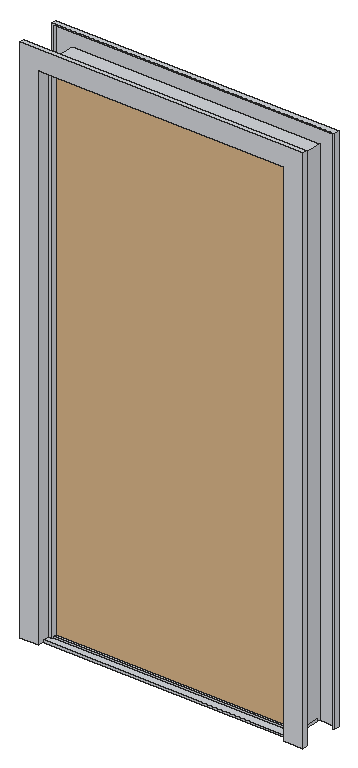
Revit family
Parameters (values of type "FSD01 1000*2100(계단실)")
  Assembly Code = ""
  문타입 = "FSD"
  Thickness = 51.00 mm
  문 재료 = 문 - 패널
  프레임 재료 = 문 - 프레임
  Height = 2100.00 mm
  자르기 투영 외부 = 25.00 mm
  자르기 투영 내부 = 25.00 mm
  자르기 폭 = 76.00 mm
  Wall Closure = (empty or 0)
  Width = 1000.00 mm
  Function = (empty or 0)
Types (6, lengths in mm): name | 문타입 | Height | Width
  FSD01 1000*2100(계단실) | "FSD" | 2100.00 | 1000.00
  SSD01 600*1200 | "SSD" | 1200.00 | 600.00
  FSD03 700*2000 | "FSD" | 2000.00 | 700.00
  SD01 1000*2100 | "SD" | 2100.00 | 1000.00
  CSD01 1000*2100 | "SD" | 2100.00 | 1000.00
  FSD01 1000*2100 | "FSD" | 2100.00 | 1000.00
Reference planes
  plane 1 "벽중심": y = 0
  plane 2: z = 0
  plane 3: x = 0
  plane 4: x = -500
  plane 5: x = 500
  plane 6: z = 2100
  plane 7: y = -25.5
Forms (mm)
  Extrusion 1, solid, material "문 - 패널" <- "문 재료"
    sketch origin (0, -50.7, 0) x (1, 0, 0) y (0, 0, 1)
      loop
        line (-500, 2100) -> (-500, 0) -> (500, 0) -> (500, 2100) -> (-500, 2100)
    from -76.2 to -25.2
  Sweep 2, solid
    path origin (0, 0, 0) x (1, 0, 0) y (0, 0, 1)
      loop
        line (576, 0) -> (576, 2176) -> (-576, 2176) -> (-576, 0)
    profile origin (576, 0, 1088) x (-1, 0, 0) y (0, -1, 0)
      loop
        line (0, -71.2) -> (0, -91.2) -> (76, -91.2) -> (76, -25.5) -> (91, -25.5) -> (91, 44.5) -> (76, 44.5) -> (76, 91.2) -> (0, 91.2) -> (0, 71.2) -> (5, 71.2) -> (5, 86.2) -> (71, 86.2) -> (71, 39.5) -> (86, 39.5) -> (86, -20.5) -> (71, -20.5) -> (71, -86.2) -> (5, -86.2) -> (5, -71.2) -> (0, -71.2)
  Sweep 3, solid
    path origin (0, 0, 0) x (1, 0, 0) y (0, 0, 1)
      loop
        line (505, 0) -> (-505, 0)
    profile origin (0, 0, 0) x (0, 0, -1) y (0, -1, 0)
      loop
        line (0, 71.2) -> (-10, 71.2) -> (-10, 39.5) -> (-15, 39.5) -> (-15, -20.5) -> (-10, -20.5) -> (-10, -71.2) -> (0, -71.2) -> (0, 71.2)
Lines and regions (mm)
  Opening 1
    outline origin (-1524, -76.2, 3657.6) x (0, 0, -1) y (1, 0, 0)
      loop
        line (1557.6, 1024) -> (3657.6, 1024) -> (3657.6, 2024) -> (1557.6, 2024) -> (1557.6, 1024)
  symbolic lines, style "DoorsPanelProjection"
    curve 1: line (500, 25.5, 0) -> (449, 25.5, 0)
    curve 2: line (500, 25.5, 0) -> (500, 1025.892, 0)
    curve 3: line (500, 1025.892, 0) -> (449, 1025.892, 0)
    curve 4: line (449, 25.5, 0) -> (449, 1025.892, 0)
  model lines, style "DoorsFrameMullionProjection"
    curve 5: line (-576, -76.2, 0) -> (-576, -76.2, 2176)
    curve 6: line (-576, -76.2, 2176) -> (576, -76.2, 2176)
    curve 7: line (576, -76.2, 2176) -> (576, -76.2, 0)
    curve 8: line (576, 76.2, 0) -> (576, 76.2, 2176)
    curve 9: line (-576, 76.2, 2176) -> (576, 76.2, 2176)
    curve 10: line (-576, 76.2, 2176) -> (-576, 76.2, 0)
  symbolic lines, style "Doors"
    curve 11: arc (449, 1025.892, 0) -> (-226.11, 715.536, 0) -> (-501.691, 25.5, 0) r 1001.691
    curve 12: line (-500, 0, 2100) -> (500, 0, 1050)
    curve 13: line (500, 0, 1050) -> (-500, 0, 0)
Dimensions and locks
  equal spacing: plane 4, plane 3, plane 5
  "Width": plane 4 to plane 5
  host wall to curve 1 = 50.70 mm
  control icon elem to plane 5 = 304.408 mm
  "Height": plane 6 to plane 2
  "자르기 폭": plane 4 to curve 5
  "자르기 폭": plane 5 to curve 7
  "자르기 폭": plane 6 to curve 6
  locked: curve 9 to host wall
  "Thickness": curve 4 to plane 5
  equal spacing: plane 6, curve 13, level
  locked: Extrusion 1 to Extrusion 1 at 51
  aligned and locked: Extrusion 1 to plane 5
  aligned and locked: plane 4 to Extrusion 1
Automatic sketch dimensions
  Opening 1 sketch curve to plane 6 = 0.00 mm
  Opening 1 sketch curve to level = 0.00 mm
  Opening 1 sketch curve to plane 4 = 0.00 mm
  Opening 1 sketch curve to plane 5 = 0.00 mm
  Extrusion 1 sketch curve to plane 4 = 0.00 mm
  Extrusion 1 sketch curve to plane 5 = 0.00 mm
  Extrusion 1 sketch curve to level = 0.00 mm
  Extrusion 1 sketch curve to plane 6 = 0.00 mm
  curve 1 to plane 5 = 0.00 mm
  curve 11 to plane 5 = 0.00 mm
  plane 4 to curve 11 = 1.691 mm
  curve 11 to host wall = 50.70 mm
  curve 12 to plane 4 = 0.00 mm
  curve 12 to plane 6 = 0.00 mm
  curve 13 to plane 5 = 0.00 mm
  curve 10 to level = 0.00 mm
  curve 8 to level = 0.00 mm
  curve 13 to level = 0.00 mm
  curve 13 to plane 4 = 0.00 mm
  curve 9 to curve 5 = 0.00 mm
  curve 10 to curve 5 = 0.00 mm
  curve 8 to curve 6 = 0.00 mm
  curve 5 to level = 0.00 mm
  curve 7 to level = 0.00 mm
  plane 4 to Sweep 2 sketch curve = 76.00 mm
  Sweep 2 sketch curve to plane 5 = 76.00 mm
  Sweep 2 sketch curve to plane 6 = 76.00 mm
  Sweep 2 sketch curve to profile plane = 0.00 mm  (x2)
  Sweep 2 sketch curve to profile plane = 5.00 mm  (x2)
  Sweep 2 sketch curve to plane 1 "벽중심" = 20.50 mm
  Sweep 2 sketch curve to profile plane = 71.00 mm
  Sweep 2 sketch curve to Sweep 2 sketch curve = 66.00 mm
  Sweep 2 sketch curve to Sweep 2 sketch curve = 5.00 mm  (x7)
  Sweep 2 sketch curve to Sweep 2 sketch curve = 10.00 mm
  Sweep 2 sketch curve to plane 1 "벽중심" = 71.20 mm
  Sweep 2 sketch curve to Sweep 2 sketch curve = 60.70 mm
  plane 1 "벽중심" to Sweep 2 sketch curve = 39.50 mm
  plane 1 "벽중심" to Sweep 2 sketch curve = 71.20 mm
  Sweep 2 sketch curve to Sweep 2 sketch curve = 15.00 mm
  Sweep 2 sketch curve to level = 0.00 mm  (x2)
  Sweep 3 sketch curve to level = 0.00 mm
  plane 4 to Sweep 3 sketch curve = 5.00 mm
  Sweep 3 sketch curve to plane 5 = 5.00 mm
  Sweep 3 sketch curve to profile plane = 0.00 mm
  Sweep 3 sketch curve to Sweep 3 sketch curve = 10.00 mm
  profile plane to Sweep 3 sketch curve = 10.00 mm
  Sweep 3 sketch curve to Sweep 3 sketch curve = 5.00 mm
  Sweep 3 sketch curve to plane 1 "벽중심" = 71.20 mm
  Sweep 3 sketch curve to plane 1 "벽중심" = 20.50 mm
  plane 1 "벽중심" to Sweep 3 sketch curve = 39.50 mm
  Sweep 3 sketch curve to Sweep 3 sketch curve = 31.70 mm
